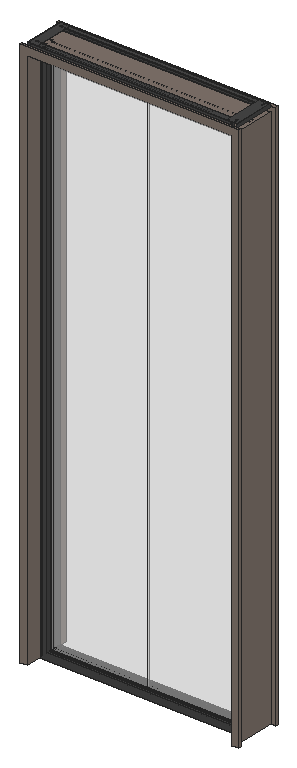
Revit family "Panel-Module-Teknion-LIGNA-Glass-Module-R2023", category Doors, Revit 2023
Family settings
  OmniClass Number = 23.30.10.00
  OmniClass Title = Doors
  Always vertical = Yes
  Cut with Voids When Loaded = No
  Shared = No
  Room Calculation Point = No
Parameters (values of type "Glass Module")
  Wood Frame Finish [instance] = Veneer - Teknion - ZP - Flintwood - Deep Walnut Flint
  Warranty = "http://www.teknion.com/legal/warranty.pdf"
  URL = "http://www.teknion.com/"
  Right Trim [instance] = no
  Right Metal Frame [instance] = no
  Product Line = "LIGNA - Glass Module"  # constant formula
  Model = "LNPTT + LNET + LNDVP + LNGF + LNGHK + LNGP + LNSVP"  # constant formula
  Metal Frame Finish [instance] = Paint - Teknion - Matte - Black
  Manufacturer Phone = "416-661-3370"  # constant formula
  Manufacturer Fax = "416.661.4586"  # constant formula
  Manufacturer Address = "1150 Flint Road, Toronto, ON. M3J 2J5. Canada"  # constant formula
  Manufacturer = "Teknion"  # constant formula
  Left Wood Trim [instance] = no
  Left Metal Frame [instance] = no
  Height [instance] = 136.00"
  Glass Finish [instance] = Glass - Teknion - G5 - 80% Cool White
  Function = Interior
  Description = "LIGNA - Glass Module"  # constant formula
  Available Width [instance] = "Available From 18\"-72\" In 3\" Increments"  # constant formula
  Available Height [instance] = "Available From 96\"-120\" In 1\" Increments"  # constant formula
Reference planes (in)
  plane 1 "Center (Front/Back)": y = 0
  plane 2: z = 0
  plane 3 "Center (Left/Right)": x = 0
  plane 4: x = -27
  plane 5: x = 27
  plane 6 "Top": z = 136
Text (in)
  text "Exterior" at (-57.0632, 31.38743, 0), in view "Ref. Level"
Dimensions and locks (in)
  equal spacing: plane 4, plane 3 "Center (Left/Right)", plane 5
  locked: plane 5 to nested 2 at 1.04724
  locked: nested 3 to plane 4 at 1.02078
  locked: nested 4 to plane 6 "Top" at 0.5
  locked: nested 1 to plane 6 "Top" at 0.5
  locked: nested 5 to plane 4 at 0.01123
  locked: plane 5 to nested 5 at 0.00741
  "Height": plane 6 "Top" to plane 2
  locked: plane 4 to nested 6 at 2.22664
  locked: nested 6 to plane 5 at 2.22409
  locked: plane 6 "Top" to nested 6 at 1.81804
  plane 4 to plane 5 = 54.00"
  locked: plane 4 to nested 7 at 1.92629
  locked: nested 7 to plane 5 at 1.93011
  locked: plane 6 "Top" to nested 7 at 2.05124
  locked: nested 8 to plane 6 "Top" at 0.5
  locked: nested 7 to plane 2 at 1.462
  locked: plane 4 to nested 8 at 1.257
  locked: nested 8 to plane 5 at 1.257
  aligned and locked: level to plane 2
  aligned and locked: plane 1 "Center (Front/Back)" to nested 1
  aligned and locked: nested 4 to plane 1 "Center (Front/Back)"
  aligned and locked: nested 3 to plane 1 "Center (Front/Back)"
  aligned and locked: plane 1 "Center (Front/Back)" to nested 2
  aligned and locked: nested 3 to plane 2
  aligned and locked: nested 4 to plane 2
  aligned and locked: nested 4 to plane 4
  aligned and locked: nested 1 to plane 5
  aligned and locked: plane 6 "Top" to nested 3
  aligned and locked: nested 2 to plane 6 "Top"
  aligned and locked: nested 5 to plane 6 "Top"
  aligned and locked: plane 2 to nested 5
  aligned and locked: plane 1 "Center (Front/Back)" to nested 5
  aligned and locked: plane 1 "Center (Front/Back)" to nested 6
  aligned and locked: nested 6 to plane 2
  aligned and locked: nested 2 to plane 2
  aligned and locked: plane 2 to nested 1
  aligned and locked: plane 1 "Center (Front/Back)" to nested 7
  aligned and locked: plane 1 "Center (Front/Back)" to nested 8
  aligned and locked: plane 2 to nested 8
Nested families (in)
  nested 1: "Frame-Teknion-LNDVP-Double-Vertical-Post-R2023" at (22.82738, -4.85519, 0), Frame Finish <- "Metal Frame Finish", visible <- "Right Metal Frame", type "Double Vertical Post"
    with Height 136.50", Frame Finish Paint - Teknion - Matte - Black
  nested 2: "Frame-Teknion-LNET-End-Trims-R2023" at (-24.43142, -5.60181, 0), Frame Finish <- "Wood Frame Finish", visible <- "Right Trim", type "End Trims"
    with Width 1.81102", Height 136.00", Frame Finish Veneer - Teknion - ZP - Flintwood - Deep Walnut Flint
  nested 3: "Frame-Teknion-LNET-End-Trims-R2023" at (24.45789, -5.60181, 0) x (-1, 0, 0) z (0, 0, 1), Frame Finish <- "Wood Frame Finish", visible <- "Left Wood Trim", type "End Trims"
    with Width 1.81102", Height 136.00", Frame Finish Veneer - Teknion - ZP - Flintwood - Deep Walnut Flint
  nested 4: "Frame-Teknion-LNDVP-Double-Vertical-Post-R2023" at (-22.82738, -4.85519, 0) x (-1, 0, 0) z (0, 0, 1), Frame Finish <- "Metal Frame Finish", visible <- "Left Metal Frame", type "Double Vertical Post"
    with Height 136.50", Frame Finish Paint - Teknion - Matte - Black
  nested 5: "Frame-Teknion-LNPTT-Passthrough-Trims-R2023" at (6.35948, -5.60181, 0), Frame Finish <- "Wood Frame Finish", type "Passthrough Trims"
    with Width 54.01864", Height 2 136.00", Height 136.00", Frame Finish Veneer - Teknion - ZP - Flintwood - Deep Walnut Flint
  nested 6: "Frame-Teknion-LNGF-Glass-Frame-R2023" at (3.18127, 0, 0.30168), Frame Finish <- "Metal Frame Finish", type "Glass Frame"
    with Width 49.54927", Height 133.88028", Frame Finish Paint - Teknion - Matte - Black
  nested 7: "Panel-Teknion-LNGP-Glass-Panel-R2023" at (3.17809, 0.0537, 1.462), Glass Finish <- "Glass Finish", type "Glass Panel"
    with Width 50.14359", Height 132.48676", Glass Finish Glass - Teknion - G5 - 80% Cool White, 2 Panels yes
  nested 8: "Frame-Teknion-LNGHK-Glass-Horizontals-Kit-R2023" at (-11.42256, -4.8213, 0), Frame Finish <- "Metal Frame Finish", type "Glass Horizontals Kit"
    with Width 51.486", Height 136.50", Frame Finish Paint - Teknion - Matte - Black
Definition of nested family "Frame-Teknion-LNDVP-Double-Vertical-Post-R2023"
  Parameters (values of type "Double Vertical Post")
    Width = 39.7461"
    URL = "http://www.teknion.com/"
    Type Comments = ""
    Thickness = 0.75"  # constant formula
    Nominal Gap = 0.125"
    Model = "LNDVP"  # constant formula
    Manufacturer = "Teknion"
    Height [instance] = 120.00"
    Frame Finish [instance] = none
    Description = "Double Vertical Post"  # constant formula
    Default Elevation = 48.00"
    Assembly Code = ""
  Reference planes (in)
    plane 1 "Center (Front/Back)": y = 4.85519
    plane 2: z = 0
    plane 3 "Center (Left/Right)": x = 4.17262
    plane 4: x = 5.42962
    plane 5: x = 2.91562
    plane 6: z = 120
    plane 7: y = 9.98019
    plane 8: y = -0.26981
    plane 9: z = 60
  Forms (in)
    Sweep 1, solid, material <- "Frame Finish"
      path origin (0, 4.85519, 0) x (1, 0, 0) y (0, 0, 1)
        loop
          line (4.17262, 117.75377) -> (4.17262, 2.25)
      profile origin (4.17262, 4.85519, 60.00188) x (0, -1, 0) y (1, 0, 0)
        loop
          line (-5, 0.5) -> (-5.125, 0.5) -> (-5.125, -0.5) -> (-5, -0.5) -> (-5, -1.032)
          arc (-5, -1.032) -> (-4.96778, -1.10978) -> (-4.89, -1.142) r 0.11
          line (-4.89, -1.142) -> (-4.00764, -1.142)
          arc (-4.00764, -1.142) -> (-3.92986, -1.10978) -> (-3.89764, -1.032) r 0.11
          line (-3.89764, -1.032) -> (-3.89764, 1.032)
          arc (-3.89764, 1.032) -> (-3.92986, 1.10978) -> (-4.00764, 1.142) r 0.11
          line (-4.00764, 1.142) -> (-4.89, 1.142)
          arc (-4.89, 1.142) -> (-4.96778, 1.10978) -> (-5, 1.032) r 0.11
          line (-5, 1.032) -> (-5, 0.5)
        loop
          line (5, 0.5) -> (5, 1.032)
          arc (5, 1.032) -> (4.96778, 1.10978) -> (4.89, 1.142) r 0.11
          line (4.89, 1.142) -> (4.00764, 1.142)
          arc (4.00764, 1.142) -> (3.92986, 1.10978) -> (3.89764, 1.032) r 0.11
          line (3.89764, 1.032) -> (3.89764, -1.032)
          arc (3.89764, -1.032) -> (3.92986, -1.10978) -> (4.00764, -1.142) r 0.11
          line (4.00764, -1.142) -> (4.89, -1.142)
          arc (4.89, -1.142) -> (4.96778, -1.10978) -> (5, -1.032) r 0.11
          line (5, -1.032) -> (5, -0.5) -> (5.125, -0.5) -> (5.125, 0.5) -> (5, 0.5)
    Sweep 2, solid, material <- "Frame Finish"
      path origin (0, 0, 0) x (1, 0, 0) y (0, 1, 0)
        loop
          line (4.17262, 8.75282) -> (4.17262, 0.95755)
      profile origin (4.17262, 4.85519, 0) x (1, 0, 0) y (0, 0, 1)
        loop
          arc (1.257, 117.69547) -> (1.23021, 117.76013) -> (1.16555, 117.78692) r 0.09145
          line (1.16555, 117.78692) -> (-1.16019, 117.78692)
          arc (-1.16019, 117.78692) -> (-1.22865, 117.75856) -> (-1.257, 117.69011) r 0.09681
          line (-1.257, 117.69011) -> (-1.257, 117.28692) -> (-1.1945, 117.28692) -> (-1.1945, 117.69143)
          arc (-1.1945, 117.69143) -> (-1.18484, 117.71476) -> (-1.16151, 117.72442) r 0.03299
          line (-1.16151, 117.72442) -> (1.15419, 117.72442)
          arc (1.15419, 117.72442) -> (1.18269, 117.71261) -> (1.1945, 117.68411) r 0.04031
          line (1.1945, 117.68411) -> (1.1945, 117.28692) -> (1.257, 117.28692) -> (1.257, 117.69547)
        loop
          arc (1.257, 75.68969) -> (1.22852, 75.75844) -> (1.15977, 75.78692) r 0.09723
          line (1.15977, 75.78692) -> (-1.14895, 75.78692)
          arc (-1.14895, 75.78692) -> (-1.22535, 75.75527) -> (-1.257, 75.67887) r 0.10805
          line (-1.257, 75.67887) -> (-1.257, 75.28692) -> (-1.1945, 75.28692) -> (-1.1945, 75.6925)
          arc (-1.1945, 75.6925) -> (-1.18515, 75.71507) -> (-1.16258, 75.72442) r 0.03192
          line (-1.16258, 75.72442) -> (1.15748, 75.72442)
          arc (1.15748, 75.72442) -> (1.18366, 75.71358) -> (1.1945, 75.68739) r 0.03702
          line (1.1945, 75.68739) -> (1.1945, 75.28692) -> (1.257, 75.28692) -> (1.257, 75.68969)
        loop
          arc (-1.257, 32.31751) -> (-1.2261, 32.2429) -> (-1.15149, 32.212) r 0.10551
          line (-1.15149, 32.212) -> (1.15355, 32.212)
          arc (1.15355, 32.212) -> (1.2267, 32.2423) -> (1.257, 32.31545) r 0.10345
          line (1.257, 32.31545) -> (1.257, 32.712) -> (1.1945, 32.712) -> (1.1945, 32.31225)
          arc (1.1945, 32.31225) -> (1.18344, 32.28556) -> (1.15675, 32.2745) r 0.03775
          line (1.15675, 32.2745) -> (-1.15275, 32.2745)
          arc (-1.15275, 32.2745) -> (-1.18227, 32.28673) -> (-1.1945, 32.31625) r 0.04175
          line (-1.1945, 32.31625) -> (-1.1945, 32.712) -> (-1.257, 32.712) -> (-1.257, 32.31751)
        loop
          line (1.257, 2.712) -> (1.1945, 2.712) -> (1.1945, 2.31073)
          arc (1.1945, 2.31073) -> (1.18389, 2.28511) -> (1.15827, 2.2745) r 0.03623
          line (1.15827, 2.2745) -> (-1.16286, 2.2745)
          arc (-1.16286, 2.2745) -> (-1.18523, 2.28377) -> (-1.1945, 2.30614) r 0.03164
          line (-1.1945, 2.30614) -> (-1.1945, 2.712) -> (-1.257, 2.712) -> (-1.257, 2.3177)
          arc (-1.257, 2.3177) -> (-1.22604, 2.24296) -> (-1.1513, 2.212) r 0.1057
          line (-1.1513, 2.212) -> (1.15263, 2.212)
          arc (1.15263, 2.212) -> (1.22643, 2.24257) -> (1.257, 2.31637) r 0.10437
          line (1.257, 2.31637) -> (1.257, 2.712)
    Sweep 3, solid, material <- "Frame Finish"
      path origin (0, 0, 0) x (1, 0, 0) y (0, 1, 0)
        loop
          line (4.17262, 9.98019) -> (4.17262, -0.26981)
      profile origin (4.17262, 4.85519, 0) x (1, 0, 0) y (0, 0, 1)
        loop
          line (1.0785, 0.048) -> (-1.0785, 0.048) -> (-1.0785, 0.873) -> (-1.1265, 0.873) -> (-1.1265, 0.08895)
          arc (-1.1265, 0.08895) -> (-1.10045, 0.02605) -> (-1.03755, 0) r 0.08895
          line (-1.03755, 0) -> (1.04059, 0)
          arc (1.04059, 0) -> (1.10134, 0.02516) -> (1.1265, 0.08591) r 0.08591
          line (1.1265, 0.08591) -> (1.1265, 0.873) -> (1.0785, 0.873) -> (1.0785, 0.048)
        loop
          line (-0.49978, 0.2446) -> (-0.93558, 0.2446) -> (-0.93558, 0.625) -> (-1.05518, 0.625) -> (-1.05518, 0.125) -> (-0.38018, 0.125) -> (-0.38018, 0.77) -> (0.37982, 0.77) -> (0.37982, 0.125) -> (1.05482, 0.125) -> (1.05482, 0.625) -> (0.93522, 0.625) -> (0.93522, 0.2446) -> (0.49942, 0.2446) -> (0.49942, 0.71937)
          arc (0.49942, 0.71937) -> (0.44956, 0.83974) -> (0.32919, 0.8896) r 0.17023
          line (0.32919, 0.8896) -> (-0.33229, 0.8896)
          arc (-0.33229, 0.8896) -> (-0.45072, 0.84055) -> (-0.49978, 0.72212) r 0.16748
          line (-0.49978, 0.72212) -> (-0.49978, 0.2446)
        loop
          line (-0.93558, 119.375) -> (-0.93558, 119.7554) -> (-0.49978, 119.7554) -> (-0.49978, 119.29798)
          arc (-0.49978, 119.29798) -> (-0.44483, 119.16534) -> (-0.31219, 119.1104) r 0.18758
          line (-0.31219, 119.1104) -> (0.31735, 119.1104)
          arc (0.31735, 119.1104) -> (0.4461, 119.16373) -> (0.49942, 119.29248) r 0.18208
          line (0.49942, 119.29248) -> (0.49942, 119.7554) -> (0.93522, 119.7554) -> (0.93522, 119.375) -> (1.05482, 119.375) -> (1.05482, 119.875) -> (0.37982, 119.875) -> (0.37982, 119.23) -> (-0.38018, 119.23) -> (-0.38018, 119.875) -> (-1.05518, 119.875) -> (-1.05518, 119.375) -> (-0.93558, 119.375)
        loop
          line (1.0785, 119.952) -> (1.0785, 119.127) -> (1.1265, 119.127) -> (1.1265, 119.91291)
          arc (1.1265, 119.91291) -> (1.10099, 119.97449) -> (1.03941, 120) r 0.08709
          line (1.03941, 120) -> (-1.0452, 120)
          arc (-1.0452, 120) -> (-1.10269, 119.97619) -> (-1.1265, 119.9187) r 0.0813
          line (-1.1265, 119.9187) -> (-1.1265, 119.127) -> (-1.0785, 119.127) -> (-1.0785, 119.952) -> (1.0785, 119.952)
    Sweep 4, solid, material <- "Frame Finish"
      path origin (0, 4.85519, 0) x (1, 0, 0) y (0, 0, 1)
        loop
          line (4.17262, 119.1104) -> (4.17262, 0.8896)
      profile origin (4.17262, 4.85519, 60) x (0, -1, 0) y (1, 0, 0)
        loop
          circle (4.48459, 0) r 0.37982
        loop
          circle (-4.48459, 0) r 0.37982
  Dimensions and locks (in)
    equal spacing: plane 5, plane 3 "Center (Left/Right)", plane 4
    locked: plane 5 to plane 4 at 2.514
    "Height": plane 6 to plane 2
    equal spacing: plane 6, plane 9, plane 2
    equal spacing: plane 8, plane 1 "Center (Front/Back)", plane 7
    locked: plane 8 to plane 7 at 10.25
    locked: Sweep 1 sketch curve to plane 2 at 2.25
    locked: plane 6 to Sweep 1 sketch curve at 2.24623
    Sweep 1 sketch curve to Sweep 1 sketch curve to Sweep 1 sketch curve to Sweep 1 sketch curve to Sweep 1 sketch curve to Sweep 1 sketch curve to Sweep 1 sketch curve to Sweep 1 sketch curve to plane 1 "Center (Front/Back)" = 0.125" locked, 0.00" locked, 0.11" locked, 0.00" locked, 0.88236" locked, 0.00" locked, 0.11" locked, 3.89764" locked
    plane 1 "Center (Front/Back)" to Sweep 1 sketch curve to Sweep 1 sketch curve to Sweep 1 sketch curve to Sweep 1 sketch curve to Sweep 1 sketch curve to Sweep 1 sketch curve to Sweep 1 sketch curve to Sweep 1 sketch curve = 3.89764" locked, 0.11" locked, 0.00" locked, 0.88236" locked, 0.00" locked, 0.11" locked, 0.00" locked, 0.125" locked
    Sweep 1 sketch curve to Sweep 1 sketch curve to Sweep 1 sketch curve to Sweep 1 sketch curve to plane 3 "Center (Left/Right)" to Sweep 1 sketch curve to Sweep 1 sketch curve to Sweep 1 sketch curve to Sweep 1 sketch curve = 0.11" locked, 0.00" locked, 0.532" locked, 0.50" locked, 0.50" locked, 0.532" locked, 0.00" locked, 0.11" locked  (x2)
    Sweep 2 sketch curve to plane 1 "Center (Front/Back)" to Sweep 2 sketch curve = 3.89764" locked, 3.89764" locked
    Sweep 2 sketch curve to Sweep 2 sketch curve to Sweep 2 sketch curve to Sweep 2 sketch curve to plane 3 "Center (Left/Right)" to Sweep 2 sketch curve to Sweep 2 sketch curve to Sweep 2 sketch curve to Sweep 2 sketch curve = 0.0625" locked, 0.02895" locked, 0.01135" locked, 1.15419" locked, 1.16019" locked, 0.00132" locked, 0.03299" locked, 0.0625" locked
    plane 6 to Sweep 2 sketch curve to Sweep 2 sketch curve to Sweep 2 sketch curve to Sweep 2 sketch curve = 2.21308" locked, 0.0625" locked, 0.4375" locked, 0.00" locked
    plane 6 to Sweep 2 sketch curve to Sweep 2 sketch curve = 2.30857" locked, 0.00132" locked
    Sweep 2 sketch curve to Sweep 2 sketch curve to Sweep 2 sketch curve to Sweep 2 sketch curve to plane 3 "Center (Left/Right)" to Sweep 2 sketch curve to Sweep 2 sketch curve to Sweep 2 sketch curve to Sweep 2 sketch curve = 0.0625" locked, 0.03473" locked, 0.0023" locked, 1.15748" locked, 1.14895" locked, 0.01364" locked, 0.03192" locked, 0.0625" locked
    Sweep 2 sketch curve to Sweep 2 sketch curve to Sweep 2 sketch curve to Sweep 2 sketch curve to plane 3 "Center (Left/Right)" to Sweep 2 sketch curve to Sweep 2 sketch curve to Sweep 2 sketch curve to Sweep 2 sketch curve = 0.0625" locked, 0.03775" locked, 0.0032" locked, 1.15355" locked, 1.15149" locked, 0.00126" locked, 0.04175" locked, 0.0625" locked
    Sweep 2 sketch curve to Sweep 2 sketch curve to Sweep 2 sketch curve to Sweep 2 sketch curve to plane 3 "Center (Left/Right)" to Sweep 2 sketch curve to Sweep 2 sketch curve to Sweep 2 sketch curve to Sweep 2 sketch curve = 0.0625" locked, 0.03623" locked, 0.00564" locked, 1.15263" locked, 1.1513" locked, 0.01156" locked, 0.03164" locked, 0.0625" locked
    Sweep 2 sketch curve to Sweep 2 sketch curve to Sweep 2 sketch curve to Sweep 2 sketch curve to Sweep 2 sketch curve to Sweep 2 sketch curve to Sweep 2 sketch curve to Sweep 2 sketch curve to Sweep 2 sketch curve to Sweep 2 sketch curve to Sweep 2 sketch curve to Sweep 2 sketch curve to plane 2 = 0.0625" locked, 0.4375" locked, 0.00" locked, 42.57492" locked, 0.00" locked, 0.4375" locked, 0.0625" locked, 29.50" locked, 0.00" locked, 0.4375" locked, 0.0625" locked, 2.212" locked
    Sweep 3 sketch curve to Sweep 3 sketch curve = 0.873"
    plane 6 to Sweep 3 sketch curve to Sweep 3 sketch curve to Sweep 3 sketch curve to Sweep 3 sketch curve to Sweep 3 sketch curve to Sweep 3 sketch curve to Sweep 3 sketch curve to Sweep 3 sketch curve to Sweep 3 sketch curve to Sweep 3 sketch curve to Sweep 3 sketch curve to Sweep 3 sketch curve to Sweep 3 sketch curve to Sweep 3 sketch curve to Sweep 3 sketch curve to Sweep 3 sketch curve = 0.00" locked, 0.048" locked, 0.0333" locked, 0.00579" locked, 0.03791" locked, 0.00" locked, 0.1196" locked, 0.00" locked, 0.3804" locked, 0.00" locked, 0.07702" locked, 0.0055" locked, 0.06248" locked, 0.103" locked, 0.00" locked, 0.0166" locked
    Sweep 3 sketch curve to Sweep 3 sketch curve to Sweep 3 sketch curve to Sweep 3 sketch curve to Sweep 3 sketch curve to Sweep 3 sketch curve to plane 3 "Center (Left/Right)" to Sweep 3 sketch curve to Sweep 3 sketch curve to Sweep 3 sketch curve to Sweep 3 sketch curve to Sweep 3 sketch curve to Sweep 3 sketch curve = 0.048" locked, 0.02368" locked, 0.1196" locked, 0.4358" locked, 0.1196" locked, 0.37982" locked, 0.38018" locked, 0.1196" locked, 0.4358" locked, 0.1196" locked, 0.02332" locked, 0.048" locked  (x2)
    Sweep 3 sketch curve to Sweep 3 sketch curve to Sweep 3 sketch curve to Sweep 3 sketch curve to Sweep 3 sketch curve to Sweep 3 sketch curve to Sweep 3 sketch curve to Sweep 3 sketch curve to Sweep 3 sketch curve to Sweep 3 sketch curve to Sweep 3 sketch curve to Sweep 3 sketch curve to Sweep 3 sketch curve to Sweep 3 sketch curve to Sweep 3 sketch curve to plane 2 to Sweep 3 sketch curve = 0.0166" locked, 0.00" locked, 0.103" locked, 0.04788" locked, 0.00275" locked, 0.09437" locked, 0.00" locked, 0.3804" locked, 0.00" locked, 0.1196" locked, 0.00" locked, 0.03605" locked, 0.00304" locked, 0.03791" locked, 0.048" locked, 0.00" locked
    locked: Sweep 4 sketch curve to plane 2 at 0.8896
    locked: plane 6 to Sweep 4 sketch curve at 0.8896
    Sweep 4 sketch curve to plane 1 "Center (Front/Back)" to Sweep 4 sketch curve = 4.48459" locked, 4.48459" locked
    plane 3 "Center (Left/Right)" to Sweep 4 sketch curve to Sweep 4 sketch curve = 0.00" locked, 0.00" locked
    aligned and locked: level to plane 2
    aligned and locked: Sweep 1 sketch curve to plane 3 "Center (Left/Right)"
    aligned and locked: Sweep 2 sketch curve to plane 3 "Center (Left/Right)"
    aligned and locked: Sweep 3 sketch curve to plane 3 "Center (Left/Right)"
    aligned and locked: plane 8 to Sweep 3 sketch curve
    aligned and locked: plane 7 to Sweep 3 sketch curve
    aligned and locked: Sweep 4 sketch curve to plane 3 "Center (Left/Right)"
  Automatic sketch dimensions
    radius of Sweep 4 sketch curve = 0.37982"  (x2)
Definition of nested family "Frame-Teknion-LNET-End-Trims-R2023"
  Parameters (values of type "End Trims")
    Width [instance] = 1.81102"
    URL = "http://www.teknion.com/"
    Type Comments = ""
    Thickness = 0.75"  # constant formula
    Nominal Gap = 0.125"
    Model = "LNET"  # constant formula
    Manufacturer = "Teknion"
    Height [instance] = 118.898"
    Frame Finish [instance] = none
    Description = "End Trims"  # constant formula
    Default Elevation = 48.00"
    Assembly Code = ""
  Reference planes (in)
    plane 1 "Center (Front/Back)": y = 5.60181
    plane 2: z = 0
    plane 3 "Center (Left/Right)": x = 52.47867
    plane 4: x = 53.38418
    plane 5: x = 51.57315
    plane 6: z = 118.898
    plane 7: y = 11.50732
    plane 8: y = -0.3037
    plane 9: z = 59.449
  Forms (in)
    Sweep 1, solid, material <- "Frame Finish"
      path origin (0, 5.60181, 0) x (1, 0, 0) y (0, 0, 1)
        loop
          line (52.47867, 118.898) -> (52.47867, 0)
      profile origin (52.47867, 5.60181, 59.449) x (0, -1, 0) y (1, 0, 0)
        loop
          line (-5.25591, -0.90551) -> (-5.25591, 0.23622) -> (5.25591, 0.23622) -> (5.25591, -0.90551) -> (5.90551, -0.90551) -> (5.90551, 0.90551) -> (-5.90551, 0.90551) -> (-5.90551, -0.90551) -> (-5.25591, -0.90551)
  Dimensions and locks (in)
    equal spacing: plane 5, plane 3 "Center (Left/Right)", plane 4
    "Width": plane 5 to plane 4
    "Height": plane 6 to plane 2
    equal spacing: plane 6, plane 9, plane 2
    equal spacing: plane 8, plane 1 "Center (Front/Back)", plane 7
    locked: plane 8 to plane 7 at 11.81102
    locked: plane 8 to Sweep 1 sketch curve at 0.64961
    locked: Sweep 1 sketch curve to plane 7 at 0.64961
    Sweep 1 sketch curve to Sweep 1 sketch curve to plane 3 "Center (Left/Right)" to Sweep 1 sketch curve to Sweep 1 sketch curve = 0.00" locked, 0.90551" locked, 0.23622" locked, 0.66929" locked
    aligned and locked: level to plane 2
    aligned and locked: Sweep 1 sketch curve to plane 3 "Center (Left/Right)"
    aligned and locked: plane 2 to Sweep 1 sketch curve
    aligned and locked: plane 6 to Sweep 1 sketch curve
    aligned and locked: plane 8 to Sweep 1 sketch curve
    aligned and locked: Sweep 1 sketch curve to plane 7
Definition of nested family "Frame-Teknion-LNPTT-Passthrough-Trims-R2023"
  Parameters (values of type "Passthrough Trims")
    Width [instance] = 84.00"
    URL = "http://www.teknion.com/"
    Type Comments = ""
    Thickness = 0.75"  # constant formula
    Nominal Gap = 0.125"
    Model = "LNPTT"  # constant formula
    Manufacturer = "Teknion"
    Height 2 [instance] = 119.00"
    Height [instance] = 119.00"
    Frame Finish [instance] = none
    Description = "Passthrough Trims"  # constant formula
    Default Elevation = 48.00"
    Assembly Code = ""
  Reference planes (in)
    plane 1 "Center (Front/Back)": y = 5.60181
    plane 2: z = 0
    plane 3 "Center (Left/Right)": x = -6.36139
    plane 4: x = 35.63861
    plane 5: x = -48.36139
    plane 6: z = 119
    plane 7: y = 11.50732
    plane 8: y = -0.3037
    plane 9: z = 59.5
    plane 10: z = 0
  Forms (in)
    Sweep 1, solid, material <- "Frame Finish"
      path origin (0, 5.60181, 0) x (1, 0, 0) y (0, 0, 1)
        loop
          line (33.94108, 0) -> (33.94108, 117.18876) -> (-46.66387, 117.18876) -> (-46.66387, 0)
      profile origin (-46.66387, 5.60181, 58.59438) x (0, -1, 0) y (1, 0, 0)
        loop
          line (-5.25591, -0.42929) -> (5.25591, -0.42929) -> (5.25591, -1.81102) -> (5.90551, -1.81102) -> (5.90551, 0.24) -> (-5.90551, 0.24) -> (-5.90551, -1.81102) -> (-5.25591, -1.81102) -> (-5.25591, -0.42929)
    Sweep 2, void
      path origin (0, 5.60181, 0) x (1, 0, 0) y (0, 0, 1)
        loop
          line (-6.36139, 134.95034) -> (-6.36139, -15.04966)
      profile origin (-6.36139, 5.60181, 59.95034) x (0, -1, 0) y (1, 0, 0)
        loop
          line (-7.72658, -41.9) -> (-7.72658, -43.25) -> (7.27342, -43.25) -> (7.27342, -41.9) -> (-7.72658, -41.9)
        loop
          line (-7.26381, 41.9) -> (7.23619, 41.9) -> (7.23619, 43.75) -> (-7.26381, 43.75) -> (-7.26381, 41.9)
  Cuts and joins
    Sweep 2 cuts Sweep 1
  Dimensions and locks (in)
    equal spacing: plane 5, plane 3 "Center (Left/Right)", plane 4
    "Width": plane 5 to plane 4
    "Height": plane 6 to plane 2
    equal spacing: plane 6, plane 9, plane 2
    equal spacing: plane 8, plane 1 "Center (Front/Back)", plane 7
    locked: plane 8 to plane 7 at 11.81102
    locked: plane 4 to Sweep 1 sketch curve at 1.69752
    locked: plane 6 to Sweep 1 sketch curve at 1.81124
    locked: Sweep 1 sketch curve to plane 5 at 1.69752
    Sweep 1 sketch curve to Sweep 1 sketch curve to plane 5 to Sweep 1 sketch curve to Sweep 1 sketch curve = 0.00" locked, 0.1135" locked, 1.26823" locked, 0.66929" locked
    Sweep 1 sketch curve to Sweep 1 sketch curve to plane 1 "Center (Front/Back)" to Sweep 1 sketch curve to Sweep 1 sketch curve = 0.64961" locked, 5.25591" locked, 5.25591" locked, 0.64961" locked
    locked: Sweep 2 sketch curve to plane 6 at 15.95034
    locked: plane 2 to Sweep 2 sketch curve at 15.04966
    Sweep 2 sketch curve to plane 5 to Sweep 2 sketch curve = 1.25" locked, 0.10" locked
    Sweep 2 sketch curve to plane 1 "Center (Front/Back)" to Sweep 2 sketch curve = 7.27342" locked, 7.72658" locked
    Sweep 2 sketch curve to plane 1 "Center (Front/Back)" to Sweep 2 sketch curve = 7.23619" locked, 7.26381" locked
    Sweep 2 sketch curve to plane 4 to Sweep 2 sketch curve = 0.10" locked, 1.75" locked
    "Height 2": plane 6 to plane 10
    aligned and locked: level to plane 2
    aligned and locked: Sweep 2 sketch curve to plane 3 "Center (Left/Right)"
    aligned and locked: plane 2 to Sweep 1 sketch curve
    aligned and locked: plane 10 to Sweep 1 sketch curve
Definition of nested family "Frame-Teknion-LNGF-Glass-Frame-R2023"
  Parameters (values of type "Glass Frame")
    Width [instance] = 67.76868"
    URL = "http://www.teknion.com/"
    Type Comments = ""
    Thickness = 0.75"  # constant formula
    Nominal Gap = 0.125"
    Model = "LNGF"  # constant formula
    Manufacturer = "Teknion"
    Height [instance] = 116.83152"
    Frame Finish [instance] = none
    Description = "Glass Frame"  # constant formula
    Default Elevation = 48.00"
    Assembly Code = ""
  Reference planes (in)
    plane 1 "Center (Front/Back)": y = 0
    plane 2: z = 0
    plane 3 "Center (Left/Right)": x = -3.18
    plane 4: x = 30.70434
    plane 5: x = -37.06433
    plane 6: z = 116.83152
    plane 7: y = 1.9685
    plane 8: y = -1.9685
    plane 9: z = 58.41576
  Forms (in)
    Sweep 1, solid, material <- "Frame Finish"
      path origin (0, 0, 0) x (1, 0, 0) y (0, 0, 1)
        loop
          line (29.39832, 114.99832) -> (-35.76468, 114.99832) -> (-35.76468, 1.29832) -> (29.39832, 1.29832) -> (29.39832, 114.99832)
      profile origin (-3.18318, 0, 114.99832) x (0, 0, -1) y (0, -1, 0)
        loop
          line (-1.6, 1.2345) -> (-0.217, 1.2345) -> (-0.217, 1.0345) -> (-0.25681, 1.0345)
          arc (-0.25681, 1.0345) -> (-0.25138, 0.95012) -> (-0.167, 0.9447) r 0.06403
          line (-0.167, 0.9447) -> (-0.167, 1.0835) -> (-0.065, 1.0835) -> (-0.065, 0.56752) -> (-0.19, 0.56752)
          arc (-0.19, 0.56752) -> (-0.24343, 0.49538) -> (-0.225, 0.40752) r 0.10955
          line (-0.225, 0.40752) -> (-0.185, 0.40752)
          arc (-0.185, 0.40752) -> (-0.173, 0.4424) -> (-0.2, 0.46752) r 0.03384
          line (-0.2, 0.46752) -> (-0.2, 0.51752) -> (-0.05, 0.51752) -> (-0.05, 0.46752)
          arc (-0.05, 0.46752) -> (-0.0875, 0.43002) -> (-0.05, 0.39252) r 0.0375
          line (-0.05, 0.39252) -> (-0.05, 0.33252)
          arc (-0.05, 0.33252) -> (-0.025, 0.30752) -> (0, 0.33252) r 0.025
          line (0, 0.33252) -> (0, 1.9685) -> (-1.6, 1.9685) -> (-1.6, 1.4595)
          arc (-1.6, 1.4595) -> (-1.56671, 1.45358) -> (-1.545, 1.4795) r 0.03374
          line (-1.545, 1.4795) -> (-1.49, 1.4795) -> (-1.49, 1.2995) -> (-1.545, 1.2995)
          arc (-1.545, 1.2995) -> (-1.56671, 1.32543) -> (-1.6, 1.3195) r 0.03374
          line (-1.6, 1.3195) -> (-1.6, 1.2345)
        loop
          line (-1.6, -1.2345) -> (-1.6, -1.3195)
          arc (-1.6, -1.3195) -> (-1.56671, -1.32543) -> (-1.545, -1.2995) r 0.03374
          line (-1.545, -1.2995) -> (-1.49, -1.2995) -> (-1.49, -1.4795) -> (-1.545, -1.4795)
          arc (-1.545, -1.4795) -> (-1.56671, -1.45358) -> (-1.6, -1.4595) r 0.03374
          line (-1.6, -1.4595) -> (-1.6, -1.9685) -> (0, -1.9685) -> (0, -0.33252)
          arc (0, -0.33252) -> (-0.025, -0.30752) -> (-0.05, -0.33252) r 0.025
          line (-0.05, -0.33252) -> (-0.05, -0.39252)
          arc (-0.05, -0.39252) -> (-0.0875, -0.43002) -> (-0.05, -0.46752) r 0.0375
          line (-0.05, -0.46752) -> (-0.05, -0.51752) -> (-0.2, -0.51752) -> (-0.2, -0.46752)
          arc (-0.2, -0.46752) -> (-0.173, -0.4424) -> (-0.185, -0.40752) r 0.03384
          line (-0.185, -0.40752) -> (-0.225, -0.40752)
          arc (-0.225, -0.40752) -> (-0.24343, -0.49538) -> (-0.19, -0.56752) r 0.10955
          line (-0.19, -0.56752) -> (-0.065, -0.56752) -> (-0.065, -1.0835) -> (-0.167, -1.0835) -> (-0.167, -0.9447)
          arc (-0.167, -0.9447) -> (-0.25138, -0.95012) -> (-0.25681, -1.0345) r 0.06403
          line (-0.25681, -1.0345) -> (-0.217, -1.0345) -> (-0.217, -1.2345) -> (-1.6, -1.2345)
    Sweep 2, solid, material <- "Frame Finish"
      path origin (0, 0, 0) x (1, 0, 0) y (0, 0, 1)
        loop
          line (-35.76468, 114.99832) -> (-35.76468, 1.29832) -> (29.39832, 1.29832) -> (29.39832, 114.99832) -> (-35.76468, 114.99832)
      profile origin (-3.18318, 0, 114.99832) x (0, 0, 1) y (0, -1, 0)
        loop
          circle (0.12455, -0.29128) r 0.09861
        loop
          circle (0.12455, 0.29128) r 0.09861
  Dimensions and locks (in)
    equal spacing: plane 5, plane 3 "Center (Left/Right)", plane 4
    "Width": plane 5 to plane 4
    "Height": plane 6 to plane 2
    equal spacing: plane 6, plane 9, plane 2
    equal spacing: plane 8, plane 1 "Center (Front/Back)", plane 7
    locked: plane 6 to Sweep 1 sketch curve at 1.83321
    locked: plane 4 to Sweep 1 sketch curve at 1.30602
    locked: Sweep 1 sketch curve to plane 5 at 1.29966
    locked: Sweep 1 sketch curve to plane 2 at 1.29832
    plane 6 to Sweep 1 sketch curve to Sweep 1 sketch curve to Sweep 1 sketch curve to Sweep 1 sketch curve to Sweep 1 sketch curve to Sweep 1 sketch curve to Sweep 1 sketch curve to Sweep 1 sketch curve to Sweep 1 sketch curve to Sweep 1 sketch curve to Sweep 1 sketch curve to Sweep 1 sketch curve to Sweep 1 sketch curve to Sweep 1 sketch curve to Sweep 1 sketch curve to Sweep 1 sketch curve to Sweep 1 sketch curve = 0.23321" locked, 0.00" locked, 0.02176" locked, 0.00" locked, 0.08824" locked, 1.273" locked, 0.01089" locked, 0.00029" locked, 0.00582" locked, 0.033" locked, 0.03058" locked, 0.07142" locked, 0.015" locked, 0.00" locked, 0.00" locked, 0.025" locked, 0.025" locked  (x2)
    Sweep 1 sketch curve to Sweep 1 sketch curve to Sweep 1 sketch curve to Sweep 1 sketch curve to Sweep 1 sketch curve to Sweep 1 sketch curve to Sweep 1 sketch curve to Sweep 1 sketch curve to Sweep 1 sketch curve to Sweep 1 sketch curve to Sweep 1 sketch curve to Sweep 1 sketch curve to Sweep 1 sketch curve to plane 8 to Sweep 1 sketch curve = 0.0975" locked, 0.00417" locked, 0.03778" locked, 0.04555" locked, 0.05" locked, 0.42788" locked, 0.08811" locked, 0.151" locked, 0.05921" locked, 0.00579" locked, 0.18" locked, 0.00579" locked, 0.48321" locked, 0.00" locked
    plane 7 to Sweep 1 sketch curve to Sweep 1 sketch curve to Sweep 1 sketch curve to Sweep 1 sketch curve to Sweep 1 sketch curve to Sweep 1 sketch curve to Sweep 1 sketch curve to Sweep 1 sketch curve to Sweep 1 sketch curve to Sweep 1 sketch curve to Sweep 1 sketch curve to Sweep 1 sketch curve to Sweep 1 sketch curve to Sweep 1 sketch curve to Sweep 1 sketch curve = 0.00" locked, 0.48321" locked, 0.00579" locked, 0.18" locked, 0.00579" locked, 0.05921" locked, 0.151" locked, 0.049" locked, 0.03911" locked, 0.42788" locked, 0.05" locked, 0.04555" locked, 0.03778" locked, 0.00417" locked, 0.0975" locked
    locked: plane 6 to Sweep 2 sketch curve at 1.83321
    locked: Sweep 2 sketch curve to plane 5 at 1.29966
    locked: plane 4 to Sweep 2 sketch curve at 1.30602
    locked: Sweep 2 sketch curve to plane 2 at 1.29832
    plane 6 to Sweep 2 sketch curve to Sweep 2 sketch curve = 1.70865" locked, 0.00" locked
    locked: plane 7 to Sweep 2 sketch curve at 1.67722
    locked: Sweep 2 sketch curve to plane 8 at 1.67722
    locked: plane 8 to plane 7 at 3.93701
    aligned and locked: plane 2 to level
  Automatic sketch dimensions
    Sweep 1 sketch curve to Sweep 1 sketch curve = 0.04858"
    Sweep 1 sketch curve to Sweep 1 sketch curve = 0.01"  (x2)
    Sweep 1 sketch curve to Sweep 1 sketch curve = 0.01918"  (x2)
    Sweep 1 sketch curve to Sweep 1 sketch curve = 0.03981"  (x2)
    Sweep 1 sketch curve to Sweep 1 sketch curve = 0.03324"  (x2)
    Sweep 1 sketch curve to Sweep 1 sketch curve = 0.02"  (x2)
    Sweep 1 sketch curve to Sweep 1 sketch curve = 0.0375"
    Sweep 1 sketch curve to Sweep 1 sketch curve = 0.015"
    Sweep 1 sketch curve to Sweep 1 sketch curve = 0.00445"
    Sweep 1 sketch curve to Sweep 1 sketch curve = 0.049"
    radius of Sweep 2 sketch curve = 0.09861"  (x2)
Definition of nested family "Panel-Teknion-LNGP-Glass-Panel-R2023"
  Parameters (values of type "Glass Panel")
    Width [instance] = 54.00"
    URL = "http://www.teknion.com/"
    Type Comments = ""
    Thickness = 0.75"  # constant formula
    2 Panels [instance] = Width > 49.14"  # yes
    Nominal Gap = 0.125"
    Model = "LNGP"  # constant formula
    Manufacturer = "Teknion"
    Height [instance] = 115.33"
    Glass Finish [instance] = none
    Description = "Glass Panel"  # constant formula
    Default Elevation = 48.00"
    Assembly Code = ""
  Reference planes (in)
    plane 1 "Center (Front/Back)": y = -0.0537
    plane 2: z = 0
    plane 3 "Center (Left/Right)": x = -3.18
    plane 4: x = 23.82
    plane 5: x = -30.18
    plane 6: z = 115.33
    plane 7: y = 0.1963
    plane 8: y = -0.3037
    plane 9: z = 57.665
  Forms (in)
    Sweep 1, solid, material <- "Glass Finish"
      path origin (0, -0.0537, 0) x (1, 0, 0) y (0, 0, 1)
        loop
          line (-3.18, 115.33) -> (-3.18, 0)
      profile origin (-3.18, -0.0537, 57.665) x (0, -1, 0) y (1, 0, 0)
        loop
          line (0.25, -27) -> (0.25, 27) -> (-0.25, 27) -> (-0.25, -27) -> (0.25, -27)
    Sweep 2, void
      path origin (0, -0.0537, 0) x (1, 0, 0) y (0, 0, 1)
        loop
          line (-3.18, 130.33) -> (-3.18, -8.67)
      profile origin (-3.18, -0.0537, 60.83) x (0, -1, 0) y (1, 0, 0)
        loop
          line (0.42112, -0.04) -> (0.42112, 0.04) -> (-0.36903, 0.04) -> (-0.36903, -0.04) -> (0.42112, -0.04)
  Cuts and joins
    Sweep 2 cuts Sweep 1
  Dimensions and locks (in)
    equal spacing: plane 5, plane 3 "Center (Left/Right)", plane 4
    "Width": plane 5 to plane 4
    "Height": plane 6 to plane 2
    equal spacing: plane 6, plane 9, plane 2
    equal spacing: plane 8, plane 1 "Center (Front/Back)", plane 7
    locked: plane 8 to plane 7 at 0.5
    locked: plane 2 to Sweep 2 sketch curve at 8.67
    locked: Sweep 2 sketch curve to plane 6 at 15
    Sweep 2 sketch curve to plane 7 to Sweep 2 sketch curve = 0.67112" locked, 0.11903" locked
    Sweep 2 sketch curve to profile plane to Sweep 2 sketch curve = 0.04" locked, 0.04" locked
    aligned and locked: plane 2 to level
    aligned and locked: plane 2 to Sweep 1 sketch curve
    aligned and locked: plane 6 to Sweep 1 sketch curve
    aligned and locked: Sweep 1 sketch curve to plane 3 "Center (Left/Right)"
    aligned and locked: Sweep 1 sketch curve to plane 5
    aligned and locked: plane 7 to Sweep 1 sketch curve
    aligned and locked: plane 8 to Sweep 1 sketch curve
    aligned and locked: plane 4 to Sweep 1 sketch curve
    aligned and locked: Sweep 2 sketch curve to plane 3 "Center (Left/Right)"
Definition of nested family "Frame-Teknion-LNGHK-Glass-Horizontals-Kit-R2023"
  Parameters (values of type "Glass Horizontals Kit")
    Width [instance] = 39.7461"
    URL = "http://www.teknion.com/"
    Type Comments = ""
    Thickness = 0.75"  # constant formula
    Nominal Gap = 0.125"
    Model = "LNGHK"  # constant formula
    Manufacturer = "Teknion"
    Height [instance] = 48.00"
    Frame Finish [instance] = none
    Description = "Glass Horizontals Kit"  # constant formula
    Default Elevation = 48.00"
    Assembly Code = ""
  Reference planes (in)
    plane 1 "Center (Front/Back)": y = 4.8213
    plane 2: z = 0
    plane 3 "Center (Left/Right)": x = 11.42256
    plane 4: x = 31.29561
    plane 5: x = -8.45049
    plane 6: z = 48
    plane 7: y = 9.9463
    plane 8: y = -0.3037
    plane 9: z = 24
  Forms (in)
    Sweep 1, solid, material <- "Frame Finish"
      path origin (0, 0, 0) x (1, 0, 0) y (0, 1, 0)
        loop
          line (11.42256, 9.86067) -> (11.42256, -0.21807)
      profile origin (11.42256, 4.8213, 0) x (1, 0, 0) y (0, 0, 1)
        loop
          line (-19.81055, 47.125) -> (-19.81055, 47.89518)
          arc (-19.81055, 47.89518) -> (-19.79815, 47.9251) -> (-19.76823, 47.9375) r 0.04232
          line (-19.76823, 47.9375) -> (-17.31055, 47.9375) -> (-17.31055, 48) -> (-19.77044, 48)
          arc (-19.77044, 48) -> (-19.84299, 47.96995) -> (-19.87305, 47.89739) r 0.10261
          line (-19.87305, 47.89739) -> (-19.87305, 47.125) -> (-19.81055, 47.125)
        loop
          line (17.31055, 47.9375) -> (19.78057, 47.9375)
          arc (19.78057, 47.9375) -> (19.80177, 47.92872) -> (19.81055, 47.90752) r 0.02998
          line (19.81055, 47.90752) -> (19.81055, 47.125) -> (19.87305, 47.125) -> (19.87305, 47.91149)
          arc (19.87305, 47.91149) -> (19.84712, 47.97408) -> (19.78454, 48) r 0.08851
          line (19.78454, 48) -> (17.31055, 48) -> (17.31055, 47.9375)
    Sweep 2, solid, material <- "Frame Finish"
      path origin (0, 0, 0) x (1, 0, 0) y (0, 1, 0)
        loop
          line (-7.51344, 4.8213) -> (30.35856, 4.8213)
      profile origin (11.42256, 4.8213, 0) x (0, 1, 0) y (0, 0, 1)
        loop
          line (5.077, 47.11747) -> (5.125, 47.11747) -> (5.125, 47.85613)
          arc (5.125, 47.85613) -> (5.10044, 47.91544) -> (5.04113, 47.94) r 0.08387
          line (5.04113, 47.94) -> (3.72715, 47.94)
          arc (3.72715, 47.94) -> (3.66553, 47.91447) -> (3.64, 47.85285) r 0.08715
          line (3.64, 47.85285) -> (3.64, 47.44) -> (3.688, 47.44) -> (3.688, 47.85927)
          arc (3.688, 47.85927) -> (3.69759, 47.88241) -> (3.72073, 47.892) r 0.03273
          line (3.72073, 47.892) -> (5.03583, 47.892)
          arc (5.03583, 47.892) -> (5.06494, 47.87994) -> (5.077, 47.85083) r 0.04117
          line (5.077, 47.85083) -> (5.077, 47.11747)
        loop
          line (-3.688, 47.85196) -> (-3.688, 47.44) -> (-3.64, 47.44) -> (-3.64, 47.85398)
          arc (-3.64, 47.85398) -> (-3.66519, 47.91481) -> (-3.72602, 47.94) r 0.08602
          line (-3.72602, 47.94) -> (-5.04277, 47.94)
          arc (-5.04277, 47.94) -> (-5.10091, 47.91591) -> (-5.125, 47.85777) r 0.08223
          line (-5.125, 47.85777) -> (-5.125, 47.11747) -> (-5.077, 47.11747) -> (-5.077, 47.85748)
          arc (-5.077, 47.85748) -> (-5.06689, 47.88189) -> (-5.04248, 47.892) r 0.03452
          line (-5.04248, 47.892) -> (-3.72804, 47.892)
          arc (-3.72804, 47.892) -> (-3.69973, 47.88027) -> (-3.688, 47.85196) r 0.04004
        loop
          arc (1.0798, 45.90133) -> (1.0509, 45.9711) -> (0.98113, 46) r 0.09867
          line (0.98113, 46) -> (-0.98373, 46)
          arc (-0.98373, 46) -> (-1.05166, 45.97186) -> (-1.0798, 45.90393) r 0.09607
          line (-1.0798, 45.90393) -> (-1.0798, 44.48253)
          arc (-1.0798, 44.48253) -> (-1.0196, 44.3372) -> (-0.87427, 44.277) r 0.20553
          line (-0.87427, 44.277) -> (0.92581, 44.277)
          arc (0.92581, 44.277) -> (1.0347, 44.3221) -> (1.0798, 44.43099) r 0.15399
          line (1.0798, 44.43099) -> (1.0798, 45.90133)
    Sweep 3, solid, material <- "Frame Finish"
      path origin (0, 4.8213, 0) x (1, 0, 0) y (0, 0, 1)
        loop
          line (-7.78049, 0) -> (30.62561, 0)
      profile origin (11.42256, 4.8213, 0) x (0, 0, 1) y (0, -1, 0)
        loop
          line (1.792, -1.2175) -> (1.792, -1.1575) -> (1.462, -1.1575) -> (1.462, 1.1575) -> (1.792, 1.1575) -> (1.792, 1.2175) -> (0, 1.2175) -> (0, -1.2175) -> (1.792, -1.2175)
  Dimensions and locks (in)
    equal spacing: plane 5, plane 3 "Center (Left/Right)", plane 4
    "Width": plane 5 to plane 4
    "Height": plane 6 to plane 2
    equal spacing: plane 6, plane 9, plane 2
    equal spacing: plane 8, plane 1 "Center (Front/Back)", plane 7
    locked: plane 8 to plane 7 at 10.25
    locked: Sweep 1 sketch curve to plane 7 at 0.08563
    locked: plane 8 to Sweep 1 sketch curve at 0.08563
    Sweep 1 sketch curve to Sweep 1 sketch curve to Sweep 1 sketch curve to Sweep 1 sketch curve to plane 5 to Sweep 1 sketch curve = 2.45768" locked, 0.00221" locked, 0.04011" locked, 0.0625" locked, 0.00" locked
    plane 6 to Sweep 1 sketch curve to Sweep 1 sketch curve to Sweep 1 sketch curve to Sweep 1 sketch curve to Sweep 1 sketch curve = 0.00" locked, 0.0625" locked, 0.04011" locked, 0.00221" locked, 0.77018" locked
    plane 4 to Sweep 1 sketch curve to Sweep 1 sketch curve to Sweep 1 sketch curve to Sweep 1 sketch curve to Sweep 1 sketch curve = 0.00" locked, 0.0625" locked, 0.02601" locked, 0.00397" locked, 2.47002" locked
    plane 6 to Sweep 1 sketch curve to Sweep 1 sketch curve to Sweep 1 sketch curve to Sweep 1 sketch curve to Sweep 1 sketch curve = 0.00" locked, 0.0625" locked, 0.02601" locked, 0.00397" locked, 0.78252" locked
    locked: plane 5 to Sweep 2 sketch curve at 0.93705
    locked: Sweep 2 sketch curve to plane 4 at 0.93705
    plane 7 to Sweep 2 sketch curve to Sweep 2 sketch curve to Sweep 2 sketch curve to Sweep 2 sketch curve to Sweep 2 sketch curve to Sweep 2 sketch curve to Sweep 2 sketch curve to Sweep 2 sketch curve = 0.00" locked, 0.048" locked, 0.03587" locked, 0.0053" locked, 1.30868" locked, 0.00642" locked, 0.03273" locked, 0.048" locked
    plane 6 to Sweep 2 sketch curve to Sweep 2 sketch curve to Sweep 2 sketch curve to Sweep 2 sketch curve to Sweep 2 sketch curve to Sweep 2 sketch curve to Sweep 2 sketch curve to Sweep 2 sketch curve = 0.06" locked, 0.048" locked, 0.03273" locked, 0.00314" locked, 0.00328" locked, 0.00202" locked, 0.41083" locked, 0.32253" locked
    Sweep 2 sketch curve to Sweep 2 sketch curve to Sweep 2 sketch curve to plane 1 "Center (Front/Back)" to Sweep 2 sketch curve to Sweep 2 sketch curve to Sweep 2 sketch curve = 0.09867" locked, 0.05532" locked, 0.92581" locked, 0.87427" locked, 0.10946" locked, 0.09607" locked
    plane 6 to Sweep 2 sketch curve to Sweep 2 sketch curve to Sweep 2 sketch curve to Sweep 2 sketch curve to Sweep 2 sketch curve to Sweep 2 sketch curve to Sweep 2 sketch curve to Sweep 2 sketch curve = 0.06" locked, 0.048" locked, 0.03423" locked, 0.00029" locked, 0.00349" locked, 0.00202" locked, 0.41196" locked, 0.32253" locked
    Sweep 2 sketch curve to Sweep 2 sketch curve to Sweep 2 sketch curve to plane 8 to Sweep 2 sketch curve = 0.048" locked, 1.389" locked, 0.048" locked, 0.00" locked
    plane 6 to Sweep 2 sketch curve to Sweep 2 sketch curve = 2.00" locked, 1.723" locked
    Sweep 3 sketch curve to Sweep 3 sketch curve to profile plane to Sweep 3 sketch curve to Sweep 3 sketch curve = 0.06" locked, 1.1575" locked, 1.1575" locked, 0.06" locked
    Sweep 3 sketch curve to Sweep 3 sketch curve to Sweep 3 sketch curve to plane 2 to Sweep 3 sketch curve = 0.00" locked, 0.33" locked, 1.462" locked, 0.00" locked
    locked: plane 4 to Sweep 3 sketch curve at 0.67
    locked: Sweep 3 sketch curve to plane 5 at 0.67
    aligned and locked: level to plane 2
    aligned and locked: Sweep 1 sketch curve to plane 3 "Center (Left/Right)"
    aligned and locked: plane 1 "Center (Front/Back)" to Sweep 2 sketch curve
    aligned and locked: Sweep 3 sketch curve to plane 2
